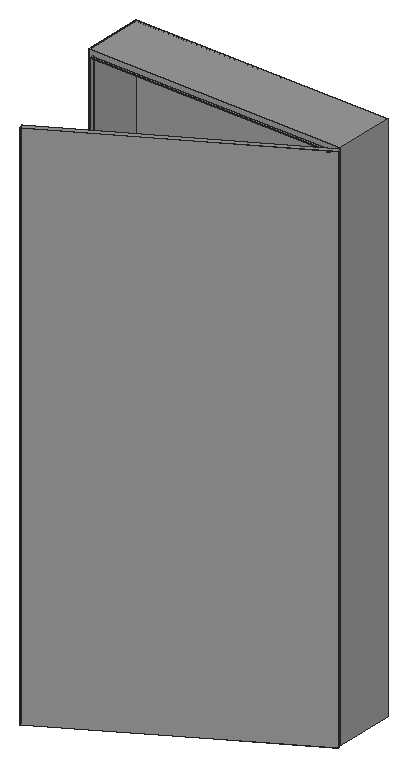
Revit family "Hager-Univers-IP44-D205-H1700-Cl.II-Encl-NoHosted-DE-de", category Equipement électrique, Revit 2020
Family settings
  Configuration du panneau = Deux colonnes, circuits au sein
  Cote de connecteur circulaire = Utiliser le diamètre
  Type d'élément = Tableau de raccordement
  Basée sur le plan de construction = Oui
  Toujours verticalement = Oui
  Couper avec des vides une fois chargée = Non
  Partagée = Non
  Point de calcul de pièce = Non
Parameters (values of type "Aufputz IP44 B800 H1700 T205  - FP13SN2")
  Width Control [instance] = if([EF000008 - Breite] > Min Width, [EF000008 - Breite], Min Width)  # 800 mm
  Commentaires du type = [HG000003 - Bereich]  # "Univers"
  Thickness Door [instance] = if([EF009171 - Materialstärke Tür/Deckel] > 3 mm, 3 mm, [EF009171 - Materialstärke Tür/Deckel])  # 1 mm
  Seal Frame Offset [instance] = 17 mm  # constant formula
  Plinth Visibility [instance] = [HG000027 - Sockelhöhe] > 0 mm  # no
  Min Width [instance] = 100 mm  # constant formula
  Min Depth [instance] = (2 * [EF009170 - Materialstärke Gehäuse]) + 1 mm  # 3 mm
  Min Height [instance] = 100 mm  # constant formula
  Internal Frame Depth [instance] = (Door System Depth * 0.5)  # 9 mm
  Panel Name [instance] = ""  # (empty or 0)
  Model = ""
  HG000027 - Sockelhöhe = 0 mm
  HG000026 - Stehend auf dem Boden = no
  HG000024 - Höhe des unteren Teils = 600 mm
  HG000023 - Gehäuse mit doppeltem Querschnitt = no
  HG000016 - 3D-Türsichtbarkeit [instance] = yes
  HG000015 - Sichtbarkeit der Türöffnung [instance] = no
  HG000014 - Tür rechts [instance] = yes
  HG000013 - Tür links [instance] = not([HG000014 - Tür rechts])  # no
  HG000012 - Türschwenkwinkel [instance] = 30.00°
  HG000010 - Asymmetrische Türen = no
  HG000009 - Doppelflügeligen Tür = no
  HG000006 - Unterputz = no
  HG000004 - Herstellerreferenz = "FP13SN2"
  HG000003 - Bereich = "Univers"
  HG000002 - Mit tür = yes
  Frame Offset Bottom [instance] = 10 mm  # constant formula
  Frame Offset [instance] = 15 mm  # constant formula
  EF015940 - Deckel mit Überdruckentlastung = no
  EF011959 - Schutzart (NEMA) = ""
  EF009554 - Anzahl der Öffnungen für Flanschplatten = 6
  EF009212 - Ausführung Deckel = "EV000116 - geschlossen"
  EF009171 - Materialstärke Tür/Deckel = 1 mm
  EF009170 - Materialstärke Gehäuse = 1 mm
  EF008873 - Nennstrom (In) = 400 A
  EF007800 - Geeignet für Blitzschutz = no
  EF006306 - Mit Schloss = no
  EF006244 - Transparenter Deckel/Tür = no
  EF005474 - Schutzart (IP) = "EV006418 - IP44"
  EF004464 - Art der Tür = "EV002646 - Einzel"
  EF004427 - Anzahl der Module = 396
  EF004293 - Schlagfestigkeit = "EV006815 - IK09"
  EF003532 - Geeignet für Außengebrauch = no
  EF002950 - Breite in Teilungseinheiten = 36
  EF001613 - Funktionserhalt = "EV000494 - ohne"
  EF001596 - Werkstoff des Gehäuses = "EV000179 - Stahl"
  EF001131 - Innentiefe = 143 mm
  EF001088 - Anbaumöglichkeit = yes
  EF000437 - Anzahl der Leitungseinführungen = 6
  EF000339 - Art der Abdeckung = "EV001012 - Deckel"
  EF000266 - Anzahl der Reihen = 11
  EF000218 - Einbautiefe = 205 mm
  EF000118 - Mit Montageplatte = no
  EF000116 - RAL-Nummer = "9010"
  EF000049 - Tiefe = 205 mm
  EF000040 - Höhe = 1700 mm
  EF000008 - Breite = 800 mm
  EF000007 - Farbe = "EV000202 - weiß"
  EF000003 - Montageart = "EV000384 - Aufputz"
  Door System Leaf Tolerance [instance] = 1.5 mm  # constant formula
  Door System Depth [instance] = 18 mm  # constant formula
  Door Height [instance] = Height Control - [HG000027 - Sockelhöhe]  # 1700 mm
  Description = ""
  Default Elevation = 1219.2 mm
  Connector Offset [instance] = Height Control / 2  # 850 mm
  Fabricant = "Hager"  # constant formula
  Height Control [instance] = if([EF000040 - Höhe] > Min Height, [EF000040 - Höhe], Min Height)  # 1700 mm
  Depth Control [instance] = if([EF000049 - Tiefe] > Min Depth, [EF000049 - Tiefe], Min Depth)  # 205 mm
  Bottom Top Plate Trim [instance] = 1.5 mm  # constant formula
  Plinth height Ctrl [instance] = if([HG000027 - Sockelhöhe] > 0 mm, [HG000027 - Sockelhöhe], 12 mm)  # 12 mm
Types (5, lengths in mm): name | Width Control | HG000010 - Asymmetrische Türen | HG000009 - Doppelflügeligen Tür | HG000004 - Herstellerreferenz | EF009554 - Anzahl der Öffnungen für Flanschplatten | EF008873 - Nennstrom (In) | EF004464 - Art der Tür | EF004427 - Anzahl der Module | EF002950 - Breite in Teilungseinheiten | EF000437 - Anzahl der Leitungseinführungen | EF000008 - Breite
  Aufputz IP44 B1050 H1700 T205  - FP14SN2 | 1050 | no | yes | "FP14SN2" | 8 | 400 A | "EV003602 - Doppel" | 528 | 48 | 8 | 1050
  Aufputz IP44 B1300 H1700 T205  - FP15SN2 | 1300 | yes | yes | "FP15SN2" | 10 | 400 A | "EV003602 - Doppel" | 660 | 60 | 10 | 1300
  Aufputz IP44 B300 H1700 T205  - FP11SN2 | 300 | no | no | "FP11SN2" | 2 | 250 A | "EV002646 - Einzel" | 132 | 12 | 2 | 300
  Aufputz IP44 B550 H1700 T205  - FP12SN2 | 550 | no | no | "FP12SN2" | 4 | 250 A | "EV002646 - Einzel" | 264 | 24 | 4 | 550
  Aufputz IP44 B800 H1700 T205  - FP13SN2 | 800 | no | no | "FP13SN2" | 6 | 400 A | "EV002646 - Einzel" | 396 | 36 | 6 | 800
Reference planes
  plane 1 "Center (Front/Back)": y = 0
  plane 2: z = 0
  plane 3 "Center (Left/Right)": x = 0
  plane 4: y = 0
  plane 5: y = 0
  plane 6: z = 0
  plane 7: x = -400
  plane 8: x = 400
  plane 9: x = 399
  plane 10: x = -399
  plane 11: z = 0
  plane 12: z = 1
  plane 13: y = -205
  plane 14: y = -1
  plane 15: x = 0
  plane 16: y = -187
  plane 17: y = -204
  plane 18: y = -186
  plane 19: x = -384
  plane 20: x = 384
  plane 21: z = 11
  plane 22: x = -383
  plane 23: x = 383
  plane 24: z = 0
  plane 25: z = 1700
  plane 26: z = 1700
  plane 27: z = 1684
  plane 28: z = 1699
Forms (mm)
  Extrusion 1, solid, material "Hager_Steel_RAL7035_Light_Grey", detail levels medium+fine
    sketch origin (-208.679, -4572, 0) x (-1, 0, 0) y (0, -1, 0)
      loop
        line (191.321, -4385) -> (-608.679, -4385) -> (-608.679, -4572) -> (191.321, -4572) -> (191.321, -4385)
    from 0 to 1700
  Extrusion 2, void
    sketch origin (-350.771, -205, 1219.2) x (1, 0, 0) y (0, 0, 1)
      loop
        line (-48.229, 479.8) -> (-48.229, -1218.2) -> (749.771, -1218.2) -> (749.771, 479.8) -> (-48.229, 479.8)
    from -19 to -204
  Extrusion 3, void
    sketch origin (-290.084, -187, 1219.2) x (1, 0, 0) y (0, 0, 1)
      loop
        line (-93.916, -1208.2) -> (674.084, -1208.2) -> (674.084, 464.8) -> (-93.916, 464.8) -> (-93.916, -1208.2)
    from 0 to -1
  Extrusion 4, solid, material "Hager_Steel_RAL7035_Light_Grey", visible <- "Plinth Visibility", detail levels medium+fine
    sketch origin (0, 0, 0) x (1, 0, 0) y (0, 1, 0)
      loop
        line (-400, 0) -> (-400, -187) -> (400, -187) -> (400, 0) -> (-400, 0)
    from 0 to 12 <- "Plinth height Ctrl"
  Extrusion 5, solid, material "Hager_Steel_RAL7035_Light_Grey", detail levels coarse
    sketch origin (0, 0, 0) x (1, 0, 0) y (0, 1, 0)
      loop
        line (-400, 0) -> (-400, -205) -> (400, -205) -> (400, 0) -> (-400, 0)
    from 0 to 1700 <- "Height Control"
  Sweep 6, void
    path in 3D
      loop
        line (-400, -187, 12) -> (400, -187, 12) -> (400, 0, 12) -> (-400, 0, 12) -> (-400, -187, 12)
    profile origin (-400, -93.5, 12) x (1, 0, 0) y (0, 0, 1)
      loop
        line (0, 0) -> (0, -1.5) -> (1.5, -1.5)
        arc (1.5, -1.5) -> (1.061, -0.439) -> (0, 0) r 1.5
  Extrusion 7, solid, material "Hager_Steel_RAL7035_Light_Grey", detail levels fine
    sketch origin (-400, -187, 0) x (1, 0, 0) y (0, 0, 1)
      loop
        line (16, 11) -> (784, 11) -> (784, 1684) -> (16, 1684) -> (16, 11)
      loop
        line (15, 10) -> (785, 10) -> (785, 1685) -> (15, 1685) -> (15, 10)
    from 0 to 9 <- "Internal Frame Depth"
Cuts and joins
  Extrusion 2, Extrusion 3 cuts Extrusion 1
  Sweep 6 cuts Extrusion 4
Lines and regions (mm)
  Masking region 1
    outline origin (0, 0, 0) x (1, 0, 0) y (0, 1, 0)
      loop
        line (-400, 0) -> (-400, -205) -> (400, -205) -> (400, 0) -> (-400, 0)
  Masking region 2, detail levels coarse
    outline origin (-290.084, -187, 1219.2) x (-1, 0, 0) y (0, 0, 1)
      loop
        line (-690.084, -1219.2) -> (109.916, -1219.2) -> (109.916, 480.8) -> (-690.084, 480.8) -> (-690.084, -1219.2)
  Masking region 3, detail levels coarse
    outline origin (0, 0, 0) x (0, 1, 0) y (0, 0, 1)
      loop
        line (0, 0) -> (0, 1700) -> (-205, 1700) -> (-205, 0) -> (0, 0)
  Masking region 4, visible <- "Plinth Visibility", detail levels medium+fine
    outline origin (0, 0, 0) x (0, 1, 0) y (0, 0, 1)
      loop
        line (-1.5, 12) -> (-185.5, 12)
        arc (-185.5, 12) -> (-185.939, 10.939) -> (-187, 10.5) r 1.5
        line (-187, 10.5) -> (-187, 0) -> (0, 0) -> (0, 10.5)
        arc (0, 10.5) -> (-1.061, 10.939) -> (-1.5, 12) r 1.5
  Masking region 5, detail levels medium+fine
    outline origin (0, 0, 594.038) x (0, 1, 0) y (0, 0, 1)
      loop
        line (0, -594.038) -> (0, 1105.962) -> (-187, 1105.962) -> (-187, -594.038) -> (0, -594.038)
  Masking region 6, detail levels medium+fine
    outline origin (-359.7, -187, 1211.883) x (-1, 0, 0) y (0, 0, 1)
      loop
        line (-759.7, -1211.883) -> (40.3, -1211.883) -> (40.3, 488.117) -> (-759.7, 488.117) -> (-759.7, -1211.883)
  Masking region 7, visible <- "Plinth Visibility", detail levels medium+fine
    outline origin (-320.334, -187, 1041.368) x (-1, 0, 0) y (0, 0, 1)
      loop
        line (-720.334, -1041.368) -> (79.666, -1041.368) -> (79.666, -1030.868)
        arc (79.666, -1030.868) -> (78.606, -1030.429) -> (78.166, -1029.368) r 1.5
        line (78.166, -1029.368) -> (-718.834, -1029.368)
        arc (-718.834, -1029.368) -> (-719.273, -1030.429) -> (-720.334, -1030.868) r 1.5
        line (-720.334, -1030.868) -> (-720.334, -1041.368)
  sketch lines
    curve 1: line (-400, 0, 12) -> (-400, -187, 12)
    curve 2: line (-400, -187, 12) -> (400, -187, 12)
    curve 3: line (400, 0, 12) -> (-400, 0, 12)
    curve 4: line (400, -187, 12) -> (400, 0, 12)
Dimensions and locks
  locked: plane 1 "Center (Front/Back)" to plane 5
  "EF009170 - Materialstärke Gehäuse": plane 7 to plane 10
  "EF009170 - Materialstärke Gehäuse": plane 8 to plane 9
  equal spacing: plane 7, plane 3 "Center (Left/Right)", plane 8
  "Width Control": plane 7 to plane 8
  "Depth Control": plane 4 to plane 13
  "EF009170 - Materialstärke Gehäuse": plane 4 to plane 14
  "Height Control": plane 25 to level
  "HG000027 - Sockelhöhe": plane 11 to level
  "EF009170 - Materialstärke Gehäuse": plane 12 to plane 11
  "EF009170 - Materialstärke Gehäuse": plane 17 to plane 13
  "EF009170 - Materialstärke Gehäuse": plane 18 to plane 16
  "Frame Offset Bottom": plane 21 to plane 12
  "Frame Offset": plane 10 to plane 19
  "Frame Offset": plane 9 to plane 20
  "Door System Depth": plane 16 to plane 13
  "Seal Frame Offset": plane 7 to plane 22
  "Seal Frame Offset": plane 8 to plane 23
  "EF009170 - Materialstärke Gehäuse": plane 26 to plane 28
  "Frame Offset": plane 28 to plane 27
  "Connector Offset": plane 2 to connector elem
  "Bottom Top Plate Trim": profile plane to Sweep 6 sketch curve
  "Bottom Top Plate Trim": Sweep 6 sketch curve to Sweep 6 sketch curve
  "Plinth height Ctrl": Masking region 4 sketch curve to level
  "Plinth height Ctrl": Masking region 7 sketch curve to level
  "Thickness Door": Extrusion 7 sketch curve to Extrusion 7 sketch curve  (x4)
  "Bottom Top Plate Trim": radius of Sweep 6 sketch curve
  "Bottom Top Plate Trim": radius of Masking region 4 sketch curve  (x2)
  "Bottom Top Plate Trim": radius of Masking region 7 sketch curve  (x2)
  aligned and locked: Extrusion 2 sketch curve to plane 12
  aligned and locked: Extrusion 2 sketch curve to plane 9
  aligned and locked: Extrusion 2 sketch curve to plane 10
  aligned and locked: Extrusion 2 to plane 14
  aligned and locked: Extrusion 1 sketch curve to plane 4
  aligned and locked: plane 8 to Extrusion 1 sketch curve
  aligned and locked: plane 7 to Extrusion 1 sketch curve
  aligned and locked: Extrusion 2 to plane 18
  aligned and locked: Extrusion 3 sketch curve to plane 19
  aligned and locked: plane 20 to Extrusion 3 sketch curve
  aligned and locked: Extrusion 3 to Extrusion 2
  aligned and locked: Extrusion 3 sketch curve to plane 21
  aligned and locked: plane 3 "Center (Left/Right)" to nested 1
  aligned and locked: Extrusion 1 sketch curve to plane 16
  aligned and locked: Extrusion 4 sketch curve to cut or joined group of Extrusion 1, Extrusion 2, Extrusion 3
  aligned and locked: Masking region 1 sketch curve to plane 7
  aligned and locked: Masking region 1 sketch curve to plane 5
  aligned and locked: Masking region 1 sketch curve to plane 8
  aligned and locked: Masking region 2 sketch curve to level
  aligned and locked: level to Masking region 3 sketch curve
  aligned and locked: plane 1 "Center (Front/Back)" to Masking region 3 sketch curve
  aligned and locked: plane 13 to Masking region 3 sketch curve
  aligned and locked: plane 5 to Masking region 4 sketch curve
  aligned and locked: Masking region 2 sketch curve to plane 8
  aligned and locked: Masking region 2 sketch curve to plane 7
  aligned and locked: plane 7 to nested 2
  aligned and locked: nested 2 to plane 5
  aligned and locked: plane 5 to Masking region 5 sketch curve
  aligned and locked: plane 26 to Masking region 5 sketch curve
  aligned and locked: Extrusion 5 sketch curve to plane 8
  aligned and locked: Extrusion 5 sketch curve to plane 7
  aligned and locked: Extrusion 5 sketch curve to plane 5
  aligned and locked: Extrusion 3 sketch curve to plane 27
  aligned and locked: Extrusion 2 sketch curve to plane 28
  aligned and locked: Masking region 2 to plane 25
  aligned and locked: Extrusion 4 to plane 16
  aligned and locked: profile plane to Sweep 6 sketch curve
  aligned and locked: Masking region 5 sketch curve to plane 24
  aligned and locked: level to Masking region 4 sketch curve
  aligned and locked: Masking region 1 to plane 13
  aligned and locked: nested 1 to plane 16
  aligned and locked: Masking region 3 to plane 25
  aligned and locked: plane 16 to Masking region 4 sketch curve
  aligned and locked: Masking region 5 sketch curve to plane 16
  aligned and locked: plane 24 to plane 11
  aligned and locked: plane 26 to plane 25
  aligned and locked: plane 26 to cut or joined group of Extrusion 1, Extrusion 2, Extrusion 3
  aligned and locked: nested 1 to plane 24
  aligned and locked: Extrusion 1 to Extrusion 3
  aligned and locked: Masking region 6 sketch curve to plane 8
  aligned and locked: Masking region 6 sketch curve to plane 24
  aligned and locked: Masking region 6 sketch curve to plane 7
  aligned and locked: Masking region 6 sketch curve to plane 26
  aligned and locked: Masking region 7 sketch curve to plane 7
  aligned and locked: level to Masking region 7 sketch curve
  aligned and locked: Masking region 7 sketch curve to plane 8
  aligned and locked: Extrusion 7 sketch curve to cut or joined group of Extrusion 1, Extrusion 2, Extrusion 3  (x4)
Automatic sketch dimensions
  plane 19 to Extrusion 3 sketch curve = 0 mm
  Extrusion 3 sketch curve to plane 20 = 0 mm
  Extrusion 3 sketch curve to plane 21 = 0 mm
  Extrusion 4 sketch curve to plane 7 = 0 mm
  Extrusion 4 sketch curve to plane 8 = 0 mm
  Extrusion 4 sketch curve to plane 16 = 0 mm
  Masking region 1 sketch curve to plane 13 = 0 mm
  Masking region 2 sketch curve to plane 25 = 0 mm
  Masking region 3 sketch curve to plane 25 = 0 mm
  Extrusion 5 sketch curve to plane 13 = 0 mm
  profile plane to Sweep 6 sketch curve = 0 mm
Nested families
  nested 1: "EC000058_Univers_Door" at (0, -187, 0), Double <- "HG000009 - Doppelflügeligen Tür", Transparent <- "EF006244 - Transparenter Deckel/Tür", Angle <- "HG000012 - Türschwenkwinkel", Door_Right <- "HG000014 - Tür rechts", Assymetrical <- "HG000010 - Asymmetrische Türen", Door <- "HG000002 - Mit tür", Width_Ctrl <- "Width Control", 3d_Door <- "HG000016 - 3D-Türsichtbarkeit", Clearance <- "HG000015 - Sichtbarkeit der Türöffnung", Door_Left <- "HG000013 - Tür links", Width <- "Width Control", Door_Depth <- "Door System Depth", Leaf_Tolerance <- "Door System Leaf Tolerance", Height <- "Door Height", Lock_Visibility <- "EF006306 - Mit Schloss", Thickness <- "Thickness Door", type "EC000058_Univers_Door", detail levels medium+fine
    with min_wh 3 mm, Width_Ctrl 800 mm, Width 800 mm, Transparent no, Thickness 1 mm, Seal_Material Hager_Rubber, Lock_Visibility no, Lock_Material Hager_Plastic_RAL9005_Jet_Black, Leaf_Width 800 mm, Leaf_Tolerance_External_Sides 0 mm, Leaf_Tolerance 1.5 mm, Leaf_Offset 0 mm, Leaf_Height 1697 mm, Leaf_2_Width 800 mm, Leaf_2_Offset 400 mm, Leaf_1_Width 800 mm, Leaf_1_Offset 400 mm, Height_Ctrl 1700 mm, Height 1700 mm, Glass_Material Hager_Glass, Double_Clearance_Ctrl no, Double no, Door_Right_Ctrl yes, Door_Right yes, Door_Material Hager_Steel_RAL7035_Light_Grey, Door_Left_Ctrl no, Door_Left no, Door_Depth 18 mm, Door yes, Clearance_Material Hager_Clearance, Clearance_Depth 800 mm, Clearance_Ctrl no, Clearance no, Assymetrical no, Angle 30.00°, 3d_Door yes
  nested 2: "Hager_Enclosure_Symbol" at (-400, 0, 0), Height <- "Depth Control", Width <- "Width Control", type "Hager_Enclosure_Symbol"
    with Width_Ctrl 800 mm, Width 800 mm, Height_Ctrl 205 mm, Height 205 mm, A_Width_Int 13.453 mm, A_Width 161.438 mm, A_Height_Ctrl 179.375 mm, A_Height 179.375 mm
Connectors
  electrical at (0, 0, 850)
    settings: on plane 1 "Center (Front/Back)", index 1, voltage 0 V, apparent load 0 VA, apparent load phase1 0 VA, apparent load phase2 0 VA, apparent load phase3 0 VA, power factor 1, load classification "Other", number of poles 1, system type 30, power factor state 1, is connector primary yes, connector utility no, sub classification motor no, connector description ""
Definition of nested family "EC000058_Univers_Door"
  Parameters (values of type "EC000058_Univers_Door")
    min_wh [instance] = (2 * Thickness) + 1 mm  # 11 mm
    Width_Ctrl [instance] = 400 mm
    Width [instance] = 500 mm
    Transparent [instance] = yes
    Thickness [instance] = 5 mm
    Seal_Material [instance] = none
    Lock_Visibility [instance] = yes
    Lock_Material [instance] = none
    Leaf_Width [instance] = if((Width_Ctrl - 2 * Leaf_Tolerance_External_Sides) > 0 mm, (Width_Ctrl - 2 * Leaf_Tolerance_External_Sides), min_wh)  # 400 mm
    Leaf_Tolerance_External_Sides [instance] = 0 mm  # constant formula
    Leaf_Tolerance [instance] = 1.5 mm
    Leaf_Offset [instance] = 0 mm  # constant formula
    Leaf_Height [instance] = if((Height_Ctrl - 2 * Leaf_Tolerance) > 0 mm, (Height_Ctrl - 2 * Leaf_Tolerance), min_wh)  # 497 mm
    Leaf_2_Width [instance] = if(and(and(Double, Assymetrical), Door_Left), (Leaf_Width / 3) - (Leaf_Tolerance / 2), if(and(and(Double, Assymetrical), Door_Right), (Leaf_Width / 3) * 2 - (Leaf_Tolerance / 2), if(and(Double, not(Assymetrical)), (Leaf_Width / 2) - Leaf_Tolerance, Leaf_Width)))  # 400 mm
    Leaf_2_Offset [instance] = if(and(Double, Assymetrical), Leaf_2_Width / 2, if(and(Double, not(Assymetrical)), Leaf_Width / 4, Leaf_Width / 2))  # 200 mm
    Leaf_1_Width [instance] = if(and(and(Double, Assymetrical), Door_Right), (Leaf_Width / 3) - (Leaf_Tolerance / 2), if(and(and(Double, Assymetrical), Door_Left), (Width / 3) * 2 - (Leaf_Tolerance / 2), if(and(Double, not(Assymetrical)), (Leaf_Width / 2) - Leaf_Tolerance, Leaf_Width)))  # 400 mm
    Leaf_1_Offset [instance] = if(and(Double, Assymetrical), Leaf_1_Width / 2, if(and(Double, not(Assymetrical)), Leaf_Width / 4, Leaf_Width / 2))  # 200 mm
    Height_Ctrl [instance] = if(Height > min_wh, Height, min_wh)  # 500 mm
    Height [instance] = 500 mm
    Glass_Material [instance] = none
    Double_Clearance_Ctrl [instance] = and(Double, Clearance)  # no
    Double [instance] = no
    Door_Right_Ctrl [instance] = and(or(Door_Right, Double), Door)  # yes
    Door_Right [instance] = yes
    Door_Material [instance] = none
    Door_Left_Ctrl [instance] = and(or(Door_Left, Double), Door)  # no
    Door_Left [instance] = no
    Door_Depth [instance] = 30 mm
    Door [instance] = yes
    Default Elevation = 1219.2 mm
    Clearance_Material [instance] = none
    Clearance_Depth [instance] = if(Leaf_1_Width > Leaf_2_Width, Leaf_1_Width, Leaf_2_Width)  # 400 mm
    Clearance_Ctrl [instance] = and(not(Double), Clearance)  # yes
    Clearance [instance] = yes
    Assymetrical [instance] = yes
    Angle [instance] = 30.00°
    3d_Door [instance] = yes
  Reference planes
    plane 1 "Center (Front/Back)": y = 0
    plane 2 "Bottom": z = 0
    plane 3 "Center (Left/Right)": x = 0
    plane 4: z = 500
    plane 5: x = -200
    plane 6: x = 200
    plane 7: z = 500
    plane 8: x = -200
    plane 9: z = 0
    plane 10: x = 200
    plane 11: y = 0
    plane 12: z = 1.5
    plane 13: x = -600
    plane 14: y = -400
    plane 15: x = 600
    plane 16: x = 0
    plane 17: x = 0
    plane 18: x = -200
    plane 19: x = 200
    plane 20: z = 498.5
  Forms (mm)
    Extrusion 1, solid, material <- "Clearance_Material", visible <- "Double_Clearance_Ctrl"
      sketch origin (1200, 0, 0) x (1, 0, 0) y (0, 0, -1)
        loop
          line (-1800, -498.5) -> (-600, -498.5) -> (-600, 0) -> (-1800, 0) -> (-1800, -498.5)
      from 0 to -400
  Dimensions and locks
    equal spacing: plane 5, plane 3 "Center (Left/Right)", plane 6
    "Width_Ctrl": plane 5 to plane 6
    "Leaf_Offset": plane 5 to plane 8
    "Leaf_Offset": plane 6 to plane 10
    "Leaf_Offset": plane 9 to level
    "Leaf_Offset": plane 4 to plane 7
    "Height_Ctrl": plane 4 to level
    "Leaf_Tolerance": plane 12 to plane 9
    locked: plane 11 to plane 1 "Center (Front/Back)"
    "Leaf_1_Offset": plane 18 to plane 16
    "Leaf_2_Offset": plane 17 to plane 19
    "Leaf_1_Width": plane 13 to plane 8
    "Leaf_2_Width": plane 10 to plane 15
    "Clearance_Depth": plane 14 to plane 1 "Center (Front/Back)"
    "Leaf_Tolerance_External_Sides": plane 8 to plane 18
    "Leaf_Tolerance_External_Sides": plane 19 to plane 10
    "Leaf_Tolerance": plane 7 to plane 20
    aligned and locked: level to plane 2 "Bottom"
    aligned and locked: nested 1 to plane 16
    aligned and locked: nested 2 to plane 17
    aligned and locked: Extrusion 1 to plane 13
    aligned and locked: plane 15 to Extrusion 1
    aligned and locked: Extrusion 1 to plane 14
    aligned and locked: plane 12 to nested 1
    aligned and locked: nested 2 to plane 12
    aligned and locked: Extrusion 1 to plane 11
    aligned and locked: plane 20 to Extrusion 1
    aligned and locked: nested 2 to plane 11
    aligned and locked: nested 1 to plane 11
  Automatic sketch dimensions
    Extrusion 1 sketch curve to level = 0 mm
    plane 5 to Extrusion 1 sketch curve = 400 mm
    plane 6 to Extrusion 1 sketch curve = 400 mm
    Extrusion 1 sketch curve to plane 4 = 1.5 mm
  Nested families
    nested 1: "EC000058_Univers_Door_Leaf" at (0, 0, 1.5), Width <- "Leaf_1_Width", visible <- "Door_Left_Ctrl", Leaf_Height <- "Leaf_Height", Angle <- "Angle", 3d_Door <- "3d_Door", Transparent <- "Transparent", Clearance Material <- "Clearance_Material", Clearance <- "Clearance_Ctrl", Door_Material <- "Door_Material", Glass_Material <- "Glass_Material", Door_Depth <- "Door_Depth", Lock_Material <- "Lock_Material", Seal_Material <- "Seal_Material", Lock_Visibility <- "Lock_Visibility", Thickness <- "Thickness", type "EC000058_Univers_Door_Leaf"
      with Width 400 mm, Transparent_Glass_Offset 30 mm, Transparent_Ctrl yes, Transparent yes, Thickness 5 mm, Standard no, Seal_Material none, Seal_D2 8 mm, Seal_D1 1 mm, Offset_Internal_Frame 10 mm, Lock_Width 20 mm, Lock_Visibility_3d yes, Lock_Visibility yes, Lock_Thickness_3 3 mm, Lock_Thickness_2 1 mm, Lock_Thickness_1 3 mm, Lock_Radius_Offset_2 16 mm, Lock_Radius_Offset_1 15 mm, Lock_Radius_2 5 mm, Lock_Radius 6 mm, Lock_Offset 5 mm, Lock_Material none, Lock_Height 80 mm, Lock_Cover_Top_Offset_2d 17 mm, Lock_Cover_Height -65 mm, Leaf_Height 497 mm, Internal_Seal_Thickness 8 mm, Internal_Seal_Depth_2 4.5 mm, Internal_Frame_Depth 25 mm, Glass_Thickness -1 mm, Glass_Offset -2 mm, Glass_Material none, Door_Material none, Door_Depth 30 mm, Clearance Material none, Clearance yes, Angle_Ctrl 30.00°, Angle 30.00°, 3d_Door yes
    nested 2: "EC000058_Univers_Door_Leaf" at (0, 0, 1.5) x (-1, 0, 0) z (0, 0, 1), Width <- "Leaf_2_Width", visible <- "Door_Right_Ctrl", Leaf_Height <- "Leaf_Height", Angle <- "Angle", 3d_Door <- "3d_Door", Transparent <- "Transparent", Clearance Material <- "Clearance_Material", Clearance <- "Clearance_Ctrl", Door_Material <- "Door_Material", Glass_Material <- "Glass_Material", Door_Depth <- "Door_Depth", Lock_Material <- "Lock_Material", Seal_Material <- "Seal_Material", Lock_Visibility <- "Lock_Visibility", Thickness <- "Thickness", type "EC000058_Univers_Door_Leaf"
      with Width 400 mm, Transparent_Glass_Offset 30 mm, Transparent_Ctrl yes, Transparent yes, Thickness 5 mm, Standard no, Seal_Material none, Seal_D2 8 mm, Seal_D1 1 mm, Offset_Internal_Frame 10 mm, Lock_Width 20 mm, Lock_Visibility_3d yes, Lock_Visibility yes, Lock_Thickness_3 3 mm, Lock_Thickness_2 1 mm, Lock_Thickness_1 3 mm, Lock_Radius_Offset_2 16 mm, Lock_Radius_Offset_1 15 mm, Lock_Radius_2 5 mm, Lock_Radius 6 mm, Lock_Offset 5 mm, Lock_Material none, Lock_Height 80 mm, Lock_Cover_Top_Offset_2d 17 mm, Lock_Cover_Height -65 mm, Leaf_Height 497 mm, Internal_Seal_Thickness 8 mm, Internal_Seal_Depth_2 4.5 mm, Internal_Frame_Depth 25 mm, Glass_Thickness -1 mm, Glass_Offset -2 mm, Glass_Material none, Door_Material none, Door_Depth 30 mm, Clearance Material none, Clearance yes, Angle_Ctrl 30.00°, Angle 30.00°, 3d_Door yes
  Definition of nested family "EC000058_Univers_Door_Leaf"
    Parameters (values of type "EC000058_Univers_Door_Leaf")
      Width [instance] = 2000 mm
      Transparent_Glass_Offset [instance] = 30 mm
      Transparent_Ctrl [instance] = and(Transparent, [3d_Door])  # yes
      Transparent [instance] = yes
      Thickness [instance] = 5 mm
      Standard [instance] = and(not(Transparent), [3d_Door])  # no
      Seal_Material [instance] = none
      Seal_D2 [instance] = 8 mm  # constant formula
      Seal_D1 [instance] = 1 mm  # constant formula
      Offset_Internal_Frame [instance] = 10 mm  # constant formula
      Lock_Width [instance] = 20 mm  # constant formula
      Lock_Visibility_3d [instance] = and(Lock_Visibility, [3d_Door])  # yes
      Lock_Visibility [instance] = yes
      Lock_Thickness_3 [instance] = 3 mm  # constant formula
      Lock_Thickness_2 [instance] = 1 mm  # constant formula
      Lock_Thickness_1 [instance] = 3 mm  # constant formula
      Lock_Radius_Offset_2 [instance] = Lock_Radius_Offset_1 + 1 mm  # 16 mm
      Lock_Radius_Offset_1 [instance] = 15 mm  # constant formula
      Lock_Radius_2 [instance] = Lock_Radius - 1 mm  # 5 mm
      Lock_Radius [instance] = 6 mm  # constant formula
      Lock_Offset [instance] = 5 mm  # constant formula
      Lock_Material [instance] = none
      Lock_Height [instance] = 80 mm  # constant formula
      Lock_Cover_Top_Offset_2d [instance] = Lock_Radius_Offset_2 + 1 mm  # 17 mm
      Lock_Cover_Height [instance] = -(Lock_Height - Lock_Radius_Offset_1)  # -65 mm
      Leaf_Height [instance] = 2720.336 mm
      Internal_Seal_Thickness [instance] = 8 mm  # constant formula
      Internal_Seal_Depth_2 [instance] = 4.5 mm  # constant formula
      Internal_Frame_Depth [instance] = if(Door_Depth - Thickness > 5 mm, Door_Depth - Thickness, 5 mm)  # 25 mm
      Glass_Thickness [instance] = if(Thickness > 15 mm, Glass_Offset + 10 mm, -1 mm)  # -1 mm
      Glass_Offset [instance] = if(Thickness > 15 mm, -(Thickness + 10 mm) / 2, -2 mm)  # -2 mm
      Glass_Material [instance] = none
      Door_Material [instance] = none
      Door_Depth [instance] = 30 mm
      Default Elevation = 0 mm
      Clearance Material [instance] = none
      Clearance [instance] = yes
      Angle_Ctrl [instance] = if(Angle > 180.00°, 180.00°, Angle)  # 90.00°
      Angle [instance] = 90.00°
      3d_Door [instance] = yes
    Reference planes
      plane 1 "Center (Front/Back)": y = 0
      plane 2: z = 0
      plane 3 "Center (Left/Right)": x = 0
      plane 4: y = 2000
      plane 5: x = -1000
      plane 6: x = 1000
      plane 7: x = -3000
      plane 8: z = 2720.336
      plane 9: z = 30
      plane 10: z = 2690.336
      plane 11: x = 970
      plane 12: x = -970
      plane 13: y = -3
      plane 14: z = 107.833
      plane 15: y = -5
      plane 16: y = -223.314
      plane 17: x = -1000
      plane 18: z = 1360.168
      plane 19: y = 30
    Forms (mm)
      Extrusion 1, solid, material <- "Clearance Material", visible <- "Clearance"
        sketch origin (0, 0, 0) x (1, 0, 0) y (0, 0, 1)
          loop
            line (-3000, 2720.336) -> (-3000, 0) -> (1000, 0) -> (1000, 2720.336) -> (-3000, 2720.336)
        from 0 to -2000
      Extrusion 2, solid, material <- "Door_Material", visible <- "Standard", detail levels medium+fine
        sketch origin (-1000, 0, 0) x (0, 1, 0) y (-1, 0, 0)
          loop
            line (0, 30) -> (0, 25) -> (2000, 25) -> (2000, 30) -> (0, 30)
        from 0 to 2720.336 <- "Leaf_Height"
      Extrusion 3, solid, material <- "Door_Material", visible <- "Transparent_Ctrl", detail levels medium+fine
        sketch origin (-1000, 0, 0) x (0, 1, 0) y (-1, 0, 0)
          loop
            line (0, 25) -> (2000, 25) -> (2000, 30) -> (0, 30) -> (0, 25)
        from 0 to 2720.336 <- "Leaf_Height"
      Extrusion 4, void
        sketch origin (-1025, 2000, 0) x (0, 1, 0) y (0, 0, -1)
          loop
            line (-30, -2690.336) -> (-30, -30) -> (-1970, -30) -> (-1970, -2690.336) -> (-30, -2690.336)
        from 0 to 5 <- "Thickness"
      Sweep 5, solid, material <- "Seal_Material", visible <- "Transparent_Ctrl", detail levels fine
        path in 3D
          loop
            line (-1025, 30, 30) -> (-1025, 30, 2690.336) -> (-1025, 1970, 2690.336) -> (-1025, 1970, 30) -> (-1025, 30, 30)
        profile origin (-1025, 1000, 30) x (1, 0, 0) y (0, 0, 1)
          loop
            line (0, 0) -> (0, -8) -> (1, -8) -> (1, 0) -> (0, 0)
      Extrusion 6, solid, material <- "Glass_Material", visible <- "Transparent_Ctrl", detail levels medium+fine
        sketch origin (-1030, 0, 0) x (0, 1, 0) y (0, 0, -1)
          loop
            line (1970, -2690.336) -> (1970, -30) -> (30, -30) -> (30, -2690.336) -> (1970, -2690.336)
        from -2 <- "Glass_Offset" to -1 <- "Glass_Thickness"
      Extrusion 7, solid, material <- "Door_Material", visible <- "3d_Door", detail levels medium+fine
        sketch origin (-1025, 2000, 0) x (0, -1, 0) y (0, 0, -1)
          loop
            line (0, -2720.336) -> (2000, -2720.336) -> (2000, 0) -> (0, 0) -> (0, -2720.336)
          loop
            line (1995, -5) -> (5, -5) -> (5, -2715.336) -> (1995, -2715.336) -> (1995, -5)
        from 0 to 25 <- "Internal_Frame_Depth"
      Sweep 8, solid, material <- "Seal_Material", visible <- "Transparent_Ctrl", detail levels fine
        path in 3D
          loop
            line (-1025, 0, 0) -> (-1025, 2000, 0) -> (-1025, 2000, 2720.336) -> (-1025, 0, 2720.336) -> (-1025, 0, 0)
        profile origin (-1025, 0, 1360.168) x (1, 0, 0) y (0, 1, 0)
          loop
            line (0, 10) -> (2.975, 10)
            arc (2.975, 10) -> (4.053, 10.447) -> (4.5, 11.525) r 1.525
            line (4.5, 11.525) -> (4.5, 16.527)
            arc (4.5, 16.527) -> (4.069, 17.569) -> (3.027, 18) r 1.473
            line (3.027, 18) -> (0, 18) -> (0, 10)
      Extrusion 9, solid, material <- "Lock_Material", visible <- "Lock_Visibility_3d", detail levels fine
        sketch origin (-1030, 0, 0) x (0, 1, 0) y (0, 0, -1)
          loop
            arc (1993.5, -1400.168) -> (1994.561, -1399.729) -> (1995, -1398.668) r 1.5
            line (1995, -1398.668) -> (1995, -1320.168) -> (1975, -1320.168) -> (1975, -1398.668)
            arc (1975, -1398.668) -> (1975.439, -1399.729) -> (1976.5, -1400.168) r 1.5
            line (1976.5, -1400.168) -> (1993.5, -1400.168)
        from 3 <- "Lock_Thickness_1" to 0
      Blend 10, solid, material <- "Lock_Material", visible <- "Lock_Visibility_3d", detail levels fine
        base sketch origin (-1033, 0, 0) x (0, 1, 0) y (0, 0, -1)
          loop
            line (1975, -1320.168) -> (1975, -1398.668)
            arc (1975, -1398.668) -> (1975.439, -1399.729) -> (1976.5, -1400.168) r 1.5
            line (1976.5, -1400.168) -> (1993.5, -1400.168)
            arc (1993.5, -1400.168) -> (1994.561, -1399.729) -> (1995, -1398.668) r 1.5
            line (1995, -1398.668) -> (1995, -1320.168) -> (1975, -1320.168)
        top sketch origin (-1033, 0, 0) x (0, 1, 0) y (0, 0, -1)
          loop
            line (1976, -1320.168) -> (1976, -1398.668)
            arc (1976, -1398.668) -> (1976.146, -1399.022) -> (1976.5, -1399.168) r 0.5
            line (1976.5, -1399.168) -> (1993.5, -1399.168)
            arc (1993.5, -1399.168) -> (1993.854, -1399.022) -> (1994, -1398.668) r 0.5
            line (1994, -1398.668) -> (1994, -1320.168) -> (1976, -1320.168)
        from 0 to 1 <- "Lock_Thickness_2"
      Blend 11, solid, material <- "Lock_Material", visible <- "Lock_Visibility_3d", detail levels fine
        base sketch origin (-1034, 0, 0) x (0, 1, 0) y (0, 0, -1)
          loop
            line (1978, -1320.168) -> (1978, -1384.168)
            arc (1978, -1384.168) -> (1985, -1391.168) -> (1992, -1384.168) r 7
            line (1992, -1384.168) -> (1992, -1320.168) -> (1978, -1320.168)
        top sketch origin (-1034, 0, 0) x (0, 1, 0) y (0, 0, -1)
          loop
            line (1991, -1320.168) -> (1979, -1320.168) -> (1979, -1383.168)
            arc (1979, -1383.168) -> (1985, -1389.168) -> (1991, -1383.168) r 6
            line (1991, -1383.168) -> (1991, -1320.168)
        from 0 to 3 <- "Lock_Thickness_3"
      Extrusion 12, solid, material <- "Lock_Material", visible <- "Lock_Visibility_3d", detail levels fine
        sketch origin (-1030, 1975, 1320.168) x (1, 0, 0) y (0, -1, 0)
          loop
            line (-7, -19) -> (-7, -1) -> (0, -1) -> (0, 0) -> (-8, 0) -> (-8, -20) -> (0, -20) -> (0, -19) -> (-7, -19)
        from 0 to -65 <- "Lock_Cover_Height"
      Extrusion 13, void
        sketch origin (-1038, 1995, 1320.168) x (-1, 0, 0) y (0, 0, -1)
          loop
            line (-5, -65) -> (0, -65) -> (-5, -60) -> (-5, -65)
        from 0 to 20 <- "Lock_Width"
      Extrusion 14, void
        sketch origin (-1038, 1975, 1320.168) x (0, -1, 0) y (0, 0, -1)
          loop
            circle (-10, -15.995) r 6
          loop
            circle (-10, -15.995) r 5
        from 0 to 2
      Extrusion 15, solid, material <- "Lock_Material", visible <- "Lock_Visibility_3d", detail levels medium
        sketch origin (-1030, 0, 0) x (0, 1, 0) y (0, 0, -1)
          loop
            arc (1993.5, -1400.168) -> (1994.561, -1399.729) -> (1995, -1398.668) r 1.5
            line (1995, -1398.668) -> (1995, -1320.168) -> (1975, -1320.168) -> (1975, -1398.668)
            arc (1975, -1398.668) -> (1975.439, -1399.729) -> (1976.5, -1400.168) r 1.5
            line (1976.5, -1400.168) -> (1993.5, -1400.168)
        from 8 to 0
    Cuts and joins
      Extrusion 4 cuts Extrusion 3
      Extrusion 13, Extrusion 14 cuts Extrusion 9
      Extrusion 14 cuts Blend 11
      Extrusion 13, Extrusion 14 cuts Extrusion 12
      joined: Extrusion 9, Blend 10, Blend 11, Extrusion 12
      Extrusion 14 cuts Extrusion 15
    Lines and regions (mm)
      Masking region 1, visible <- "Lock_Visibility", detail levels fine
        outline origin (0, 0, 0) x (0, 1, 0) y (0, 0, 1)
          loop
            line (30, 1320.168) -> (33, 1320.168) -> (33, 1400.168) -> (30, 1400.168) -> (30, 1320.168)
      Masking region 2, visible <- "Lock_Visibility", detail levels fine
        outline origin (0, 3.143, 0) x (0, 1, 0) y (0, 0, 1)
          loop
            line (29.857, 1354.168) -> (30.857, 1354.168) -> (30.857, 1366.168) -> (29.857, 1366.168) -> (29.857, 1354.168)
      Masking region 3, detail levels medium+fine
        outline origin (0, 0, 0) x (0, 1, 0) y (0, 0, 1)
          loop
            line (0, 0) -> (30, 0) -> (30, 2720.336) -> (0, 2720.336) -> (0, 0)
      Masking region 4, detail levels medium+fine
        outline origin (0, 0, 0) x (1, 0, 0) y (0, 0, 1)
          loop
            line (-1000, 2720.336) -> (-1000, 0) -> (1000, 0) -> (1000, 2720.336) -> (-1000, 2720.336)
      Masking region 5, visible <- "Lock_Visibility", detail levels fine
        outline origin (-47.116, 0, 0) x (1, 0, 0) y (0, 0, 1)
          loop
            arc (1024.616, 1399.168) -> (1023.556, 1398.729) -> (1023.116, 1397.668) r 1.5
            line (1023.116, 1397.668) -> (1023.116, 1320.168) -> (1041.116, 1320.168) -> (1041.116, 1397.668)
            arc (1041.116, 1397.668) -> (1040.677, 1398.729) -> (1039.616, 1399.168) r 1.5
            line (1039.616, 1399.168) -> (1024.616, 1399.168)
      Masking region 6, visible <- "Lock_Visibility", detail levels medium+fine
        outline origin (-25, 0, 0) x (1, 0, 0) y (0, 0, 1)
          loop
            arc (1001.5, 1400.168) -> (1000.439, 1399.729) -> (1000, 1398.668) r 1.5
            line (1000, 1398.668) -> (1000, 1320.168) -> (1020, 1320.168) -> (1020, 1398.668)
            arc (1020, 1398.668) -> (1019.561, 1399.729) -> (1018.5, 1400.168) r 1.5
            line (1018.5, 1400.168) -> (1001.5, 1400.168)
      Masking region 7, visible <- "Lock_Visibility", detail levels fine
        outline origin (-73.735, 0, 0) x (1, 0, 0) y (0, 0, 1)
          loop
            line (1051.735, 1382.168) -> (1065.735, 1382.168) -> (1065.735, 1384.168)
            arc (1065.735, 1384.168) -> (1058.735, 1391.168) -> (1051.735, 1384.168) r 7
            line (1051.735, 1384.168) -> (1051.735, 1382.168)
      Masking region 8, visible <- "Lock_Visibility", detail levels fine
        outline origin (-73.735, 0, 0) x (1, 0, 0) y (0, 0, 1)
          loop
            line (1052.735, 1382.168) -> (1064.735, 1382.168) -> (1064.735, 1383.168)
            arc (1064.735, 1383.168) -> (1058.735, 1389.168) -> (1052.735, 1383.168) r 6
            line (1052.735, 1383.168) -> (1052.735, 1382.168)
      Masking region 9, visible <- "Lock_Visibility", detail levels fine
        outline origin (-25, 0, 0) x (1, 0, 0) y (0, 0, 1)
          loop
            line (1020, 1320.168) -> (1020, 1382.168) -> (1000, 1382.168) -> (1000, 1320.168) -> (1020, 1320.168)
      Masking region 10, detail levels medium+fine
        outline origin (0, 0, 0) x (1, 0, 0) y (0, 0, 1)
          loop
            circle (985, 1335.144) r 6
      Masking region 11, detail levels fine
        outline origin (0, 0, 0) x (1, 0, 0) y (0, 0, 1)
          loop
            circle (985, 1335.144) r 5
      Masking region 12, visible <- "Lock_Visibility", detail levels fine
        outline origin (0, 12.767, 0) x (0, 1, 0) y (0, 0, 1)
          loop
            line (20.233, 1320.168) -> (21.233, 1320.168) -> (21.233, 1399.168) -> (20.233, 1400.168) -> (20.233, 1320.168)
      Masking region 13, visible <- "Lock_Visibility", detail levels fine
        outline origin (0, 13.767, -10) x (0, 1, 0) y (0, 0, 1)
          loop
            line (20.233, 1330.168) -> (23.233, 1330.168) -> (23.233, 1399.168) -> (20.233, 1402.168) -> (20.233, 1330.168)
      Masking region 14, visible <- "Lock_Visibility", detail levels fine
        outline origin (0, 12.767, -10) x (0, 1, 0) y (0, 0, 1)
          loop
            line (20.233, 1330.168) -> (25.233, 1330.168) -> (25.233, 1399.305) -> (20.233, 1394.305) -> (20.233, 1330.168)
      Masking region 15, visible <- "Lock_Visibility", detail levels medium
        outline origin (0, 0, 0) x (0, 1, 0) y (0, 0, 1)
          loop
            line (30, 1320.168) -> (38, 1320.168) -> (38, 1400.168) -> (30, 1400.168) -> (30, 1320.168)
      Masking region 16, visible <- "Lock_Visibility", detail levels fine
        outline origin (-1000, 0, 0) x (0, 1, 0) y (-1, 0, 0)
          loop
            line (1975, 30) -> (1995, 30) -> (1995, 38) -> (1975, 38) -> (1975, 30)
          loop
            line (1979, 37) -> (1976, 37) -> (1976, 34) -> (1978, 34) -> (1979, 37)
          loop
            line (1994, 37) -> (1991, 37) -> (1992, 34) -> (1994, 34) -> (1994, 37)
      Masking region 17, visible <- "Lock_Visibility", detail levels medium
        outline origin (-1000, 0, 0) x (0, 1, 0) y (-1, 0, 0)
          loop
            line (1975, 30) -> (1995, 30) -> (1995, 38) -> (1975, 38) -> (1975, 30)
      symbolic lines
        curve 1: line (1000, 0, 0) -> (-3000, 0, 0)
        curve 2: arc (1000, 0, 0) -> (-1000, 2000, 0) -> (-3000, 0, 0) r 2000
        curve 4: line (-1030, 0, 0) -> (-1030, 2000, 0)
      reference lines
        curve 3: line (-1000, 0, 0) -> (-1000, 2000, 0)
      symbolic lines, detail levels medium+fine
        curve 5: line (-1030, 2000, 0) -> (-1025, 2000, 0)
        curve 7: line (-1025, 0, 0) -> (-1030, 0, 0)
        curve 8: line (-1025, 0, 0) -> (-1000, 0, 0)
        curve 9: line (-1000, 0, 0) -> (-1000, 2000, 0)
        curve 10: line (-1000, 2000, 0) -> (-1025, 2000, 0)
      symbolic lines, detail levels fine
        curve 6: line (-1025, 2000, 0) -> (-1025, 0, 0)
      sketch lines
        curve 11: line (-1025, 0, 2720.336) -> (-1025, 0, 0)
        curve 12: line (-1025, 2000, 0) -> (-1025, 0, 0)
        curve 13: line (-1025, 2000, 2720.336) -> (-1025, 2000, 0)
        curve 14: line (-1025, 0, 2720.336) -> (-1025, 2000, 2720.336)
        curve 15: line (-1025, 1970, 30) -> (-1025, 30, 30)
        curve 16: line (-1025, 30, 30) -> (-1025, 30, 2690.336)
        curve 17: line (-1025, 1970, 2690.336) -> (-1025, 1970, 30)
        curve 18: line (-1025, 30, 2690.336) -> (-1025, 1970, 2690.336)
      symbolic lines, visible <- "Transparent", detail levels medium+fine
        curve 19: line (-970, 0, 2690.336) -> (970, 0, 2690.336)
        curve 20: line (-970, 0, 30) -> (-970, 0, 2690.336)
        curve 21: line (970, 0, 30) -> (-970, 0, 30)
        curve 22: line (970, 0, 2690.336) -> (970, 0, 30)
    Dimensions and locks
      "Width": plane 1 "Center (Front/Back)" to plane 4
      equal spacing: plane 5, plane 3 "Center (Left/Right)", plane 6
      "Width": plane 5 to plane 6
      "Width": plane 7 to plane 5
      "Leaf_Height": plane 8 to level
      "Width": curve 5 to curve 3
      "Width": curve 3 to curve 3
      plane 8 to plane 10 = 30 mm
      plane 9 to level = 30 mm
      plane 12 to plane 5 = 30 mm
      plane 6 to plane 11 = 30 mm
      Extrusion 1 to Extrusion 4 sketch curve = 30 mm
      "Transparent_Glass_Offset": curve 3 to Extrusion 4 sketch curve
      "Transparent_Glass_Offset": Extrusion 4 sketch curve to cut or joined group of Extrusion 3, Extrusion 4  (x2)
      cut or joined group of Extrusion 3, Extrusion 4 to Extrusion 6 sketch curve = 30 mm
      "Transparent_Glass_Offset": cut or joined group of Extrusion 3, Extrusion 4 to Extrusion 4 sketch curve
      "Thickness": curve 6 to curve 4
      "Thickness": Extrusion 7 sketch curve to Extrusion 7 sketch curve  (x4)
      "Door_Depth": curve 4 to curve 3
      "Offset_Internal_Frame": profile plane to Sweep 8 sketch curve
      "Internal_Seal_Thickness": Sweep 8 sketch curve to Sweep 8 sketch curve
      "Internal_Seal_Depth_2": profile plane to Sweep 8 sketch curve
      "Seal_D1": profile plane to Sweep 5 sketch curve
      "Seal_D2": profile plane to Sweep 5 sketch curve
      "Thickness": Extrusion 2 sketch curve to Extrusion 2 sketch curve
      equal spacing: Extrusion 9 sketch curve, plane 18, Extrusion 9 sketch curve  (x2)
      equal spacing: Masking region 1 sketch curve, plane 18, Masking region 1 sketch curve
      "Lock_Height": Masking region 1 sketch curve to Masking region 1 sketch curve
      "Lock_Radius": Masking region 2 sketch curve to plane 18 to Masking region 2 sketch curve
      Masking region 2 sketch curve to Masking region 1 = 1 mm
      "Door_Depth": plane 19 to plane 1 "Center (Front/Back)"
      "Lock_Thickness_1": Masking region 1 sketch curve to plane 19
      "Lock_Width": Extrusion 9 sketch curve to Extrusion 9 sketch curve
      "Lock_Height": Extrusion 9 sketch curve to Extrusion 9 sketch curve
      "Lock_Offset": cut or joined group of Extrusion 3, Extrusion 4 to Extrusion 9 sketch curve
      equal spacing: plane 8, plane 18, level
      "Lock_Radius_Offset_1": Blend 11 sketch curve to Blend 10
      locked: Blend 10 to Blend 11 sketch curve at 2  (x2)
      locked: var sketch to Blend 11 sketch curve at 1  (x2)
      "Lock_Radius_Offset_2": Blend 11 sketch curve to Blend 10
      locked: Extrusion 12 sketch curve to Extrusion 12 sketch curve at 1  (x3)
      Masking region 6 sketch curve to Masking region 6 sketch curve = 80 mm
      "Lock_Height": Masking region 6 sketch curve to Masking region 6 sketch curve
      "Lock_Width": Masking region 6 sketch curve to Masking region 6 sketch curve
      locked: Masking region 6 to Masking region 5 sketch curve at 1  (x3)
      locked: Masking region 5 to Masking region 7 sketch curve at 2  (x2)
      "Lock_Radius_Offset_1": Masking region 5 to Masking region 7 sketch curve
      "Lock_Radius_Offset_2": Masking region 5 to Masking region 8 sketch curve
      locked: Masking region 7 to Masking region 8 sketch curve at 1  (x2)
      "Lock_Cover_Top_Offset_2d": Masking region 5 to Masking region 9 sketch curve
      equal spacing: Masking region 9, Masking region 10 sketch curve, Masking region 9
      equal spacing: Masking region 9, Masking region 11 sketch curve, Masking region 9
      Extrusion 15 sketch curve to Extrusion 15 sketch curve = 80 mm
      "Lock_Width": Extrusion 15 sketch curve to Extrusion 15 sketch curve
      "Lock_Height": Extrusion 15 sketch curve to Extrusion 15 sketch curve
      equal spacing: Extrusion 15 sketch curve, plane 18, Extrusion 15 sketch curve
      "Lock_Thickness_3": Masking region 13 sketch curve to Masking region 13 sketch curve
      "Lock_Height": Masking region 12 sketch curve to Masking region 12 sketch curve
      locked: Masking region 13 sketch curve to Masking region 1 at 8
      locked: Masking region 14 sketch curve to Masking region 13 at 1
      locked: Masking region 14 sketch curve to Masking region 1 at 10.863
      "Lock_Height": Masking region 15 sketch curve to Masking region 15 sketch curve
      "Lock_Offset": Extrusion 15 sketch curve to cut or joined group of Extrusion 3, Extrusion 4
      "Lock_Offset": plane 6 to Masking region 6 sketch curve
      radius of Sweep 8 sketch curve = 1.525 mm
      radius of Sweep 8 sketch curve = 1.473 mm
      radius of Extrusion 9 sketch curve = 1.5 mm  (x2)
      "Lock_Radius": radius of Extrusion 14 sketch curve
      "Lock_Radius_2": radius of Extrusion 14 sketch curve
      "Lock_Radius": radius of Masking region 10 sketch curve
      "Lock_Radius_2": radius of Masking region 11 sketch curve
      radius of Extrusion 15 sketch curve = 1.5 mm  (x2)
      "Angle_Ctrl": angle plane 1 "Center (Front/Back)" to curve 3
      locked: Masking region 12 sketch curve to Masking region 12 sketch curve (angle 45.00°)
      locked: Masking region 13 sketch curve to Masking region 13 sketch curve (angle 45.00°)
      locked: Masking region 14 sketch curve to Masking region 14 sketch curve (angle 45.00°)
      aligned and locked: level to plane 2
      aligned and locked: Extrusion 1 to curve 1
      aligned and locked: plane 6 to Extrusion 1
      aligned and locked: Extrusion 1 to plane 1 "Center (Front/Back)"
      aligned and locked: plane 4 to Extrusion 1
      aligned and locked: plane 8 to Extrusion 1
      aligned and locked: curve 7 to Extrusion 2 sketch curve
      aligned and locked: curve 5 to Extrusion 2 sketch curve
      aligned and locked: curve 7 to Extrusion 3 sketch curve
      aligned and locked: Extrusion 3 sketch curve to curve 4
      aligned and locked: Extrusion 3 sketch curve to curve 6
      aligned and locked: Extrusion 3 sketch curve to curve 5
      aligned and locked: curve 9 to curve 3
      aligned and locked: Extrusion 7 sketch curve to cut or joined group of Extrusion 3, Extrusion 4  (x4)
      aligned and locked: plane 17 to curve 3
      aligned and locked: plane 1 "Center (Front/Back)" to curve 3
      aligned and locked: plane 17 to plane 5
      aligned and locked: Sweep 8 sketch curve to profile plane
      aligned and locked: Sweep 5 sketch curve to profile plane  (x2)
      aligned and locked: Masking region 1 to Masking region 2 sketch curve
      aligned and locked: plane 19 to Masking region 1 sketch curve
      aligned and locked: plane 1 "Center (Front/Back)" to Masking region 3 sketch curve
      aligned and locked: plane 19 to Masking region 3 sketch curve
      aligned and locked: level to Masking region 3 sketch curve
      aligned and locked: Masking region 3 sketch curve to plane 8
      aligned and locked: plane 17 to Masking region 4 sketch curve
      aligned and locked: level to Masking region 4 sketch curve
      aligned and locked: Masking region 4 sketch curve to plane 8
      aligned and locked: plane 12 to curve 20
      aligned and locked: plane 10 to curve 19
      aligned and locked: plane 11 to curve 22
      aligned and locked: curve 21 to plane 9
      aligned and locked: Extrusion 2 sketch curve to cut or joined group of Extrusion 3, Extrusion 4
      aligned and locked: Blend 10 sketch curve to Extrusion 9  (x4)
      aligned and locked: Extrusion 9 to Blend 10 sketch curve
      aligned and locked: Blend 10 to Blend 11 sketch curve
      aligned and locked: Extrusion 12 sketch curve to Blend 11
      aligned and locked: Extrusion 12 sketch curve to Extrusion 9  (x4)
      aligned and locked: Masking region 5 sketch curve to Masking region 6
      aligned and locked: Masking region 9 sketch curve to Masking region 6  (x3)
      aligned and locked: Masking region 12 sketch curve to Masking region 1
      aligned and locked: Masking region 13 sketch curve to Masking region 1
      aligned and locked: Masking region 12 to Masking region 14
      aligned and locked: Masking region 14 sketch curve to Masking region 1
      aligned and locked: Masking region 15 sketch curve to Masking region 14
      aligned and locked: Masking region 13 sketch curve to Masking region 12
      aligned and locked: Masking region 16 sketch curve to cut or joined group of Extrusion 14, Extrusion 15  (x4)
      aligned and locked: Masking region 16 sketch curve to cut or joined group of Extrusion 9, Blend 10, Blend 11, Extrusion 12, Extrusion 13, Extrusion 14  (x6)
      aligned and locked: cut or joined group of Extrusion 9, Blend 10, Blend 11, Extrusion 12, Extrusion 13, Extrusion 14 to Masking region 16 sketch curve
      aligned and locked: Masking region 17 sketch curve to cut or joined group of Extrusion 14, Extrusion 15  (x3)
      aligned and locked: Masking region 17 sketch curve to cut or joined group of Extrusion 9, Blend 10, Blend 11, Extrusion 12, Extrusion 13, Extrusion 14
      aligned and locked: Masking region 9 to Masking region 8 sketch curve
      aligned and locked: Masking region 9 to Masking region 7 sketch curve
    Automatic sketch dimensions
      plane 1 "Center (Front/Back)" to curve 2 = 0 mm
      curve 2 to plane 5 = 0 mm
      Extrusion 1 sketch curve to level = 0 mm
      Extrusion 1 sketch curve to plane 7 = 0 mm
      Extrusion 1 sketch curve to plane 6 = 0 mm
      Extrusion 1 sketch curve to plane 8 = 0 mm
      Extrusion 3 to Extrusion 6 sketch curve = 30 mm  (x4)
      Masking region 4 sketch curve to plane 6 = 0 mm
      Blend 10 sketch curve to Extrusion 9 = 1.5 mm
      Blend 10 sketch curve to Extrusion 9 = 1 mm
      Extrusion 13 sketch curve to Extrusion 12 = 0 mm  (x2)
      Extrusion 12 to Extrusion 13 sketch curve = 3 mm
      Extrusion 13 sketch curve to Extrusion 12 = 5 mm
      Extrusion 14 sketch curve to Extrusion 14 sketch curve = 0 mm  (x2)
      Extrusion 14 sketch curve to Extrusion 12 = 10 mm
      Extrusion 14 sketch curve to Extrusion 12 = 15.995 mm
      Masking region 5 sketch curve to Masking region 5 sketch curve = 1.5 mm  (x2)
      Masking region 10 sketch curve to plane 18 = 25.024 mm
      Masking region 11 sketch curve to plane 18 = 25.024 mm
      plane 19 to Masking region 14 sketch curve = 3 mm
      Masking region 16 sketch curve to Masking region 16 sketch curve = 3 mm
      curve 4 to curve 3 = 0 mm
      Blend 10 to Blend 11 sketch curve = 0 mm
      Masking region 6 sketch curve to Masking region 6 sketch curve = 1.5 mm  (x2)
      Masking region 6 sketch curve to plane 18 = 40 mm
      plane 19 to Masking region 12 sketch curve = 3 mm
      Masking region 12 sketch curve to Masking region 12 sketch curve = 1 mm
      Masking region 15 sketch curve to plane 19 = 0 mm
      Masking region 15 sketch curve to plane 18 = 40 mm
      radius of Blend 10 sketch curve to Extrusion 9 = 1 mm
Definition of nested family "Hager_Enclosure_Symbol"
  Parameters (values of type "Hager_Enclosure_Symbol")
    Width_Ctrl [instance] = if(Width > 1 mm, Width, 1 mm)  # 102.27 mm
    Width [instance] = 102.27 mm
    Height_Ctrl [instance] = if(Height > 1 mm, Height, 1 mm)  # 66.5 mm
    A_Width_Int [instance] = if(A_Width / 12 > 2 mm, A_Width / 12, 2 mm)  # 4.364 mm
    A_Width [instance] = if(A_Height_Ctrl * 0.9 > 2 mm, A_Height_Ctrl * 0.9, 2 mm)  # 52.369 mm
    A_Height_Ctrl [instance] = if(A_Height > 2 mm, A_Height, 2 mm)  # 58.188 mm
    Height [instance] = 66.5 mm
    A_Height [instance] = Height - (Height / 8)  # 58.188 mm
  Reference planes
    plane 1 "Centre (avant/arrière)": y = 0
    plane 2: z = 0
    plane 3 "Centre (gauche/droite)": x = 0
    plane 4: x = 52.369
    plane 5: y = 33.042
    plane 6: y = 41.77
    plane 7: y = 66.5
    plane 8: x = 26.184
    plane 9: y = 37.406
    plane 10: x = 102.27
    plane 11: y = 66.5
    plane 12: y = 8.313
  Lines and regions (mm)
    Filled region 1, type "Solid_Black", in view "Niveau de réf."
      outline origin (0, 0, 0) x (1, 0, 0) y (0, 1, 0)
        loop
          line (52.369, 66.5) -> (33.188, 54.536) -> (45.365, 45.006) -> (52.369, 66.5)
    Filled region 2, type "Solid_Black", in view "Niveau de réf."
      outline origin (0, 0, 0) x (1, 0, 0) y (0, 1, 0)
        loop
          line (0, 0) -> (102.27, 0) -> (102.27, 66.5) -> (0, 0)
    detail lines, in view "Niveau de réf."
      curve 1: line (0, 8.313, 0) -> (26.184, 41.77, 0)
      curve 2: line (26.184, 41.77, 0) -> (26.184, 33.042, 0)
      curve 3: line (26.184, 33.042, 0) -> (52.369, 66.5, 0)
  Dimensions and locks
    "A_Width": plane 3 "Centre (gauche/droite)" to plane 4
    equal spacing: plane 3 "Centre (gauche/droite)", plane 8, plane 4
    equal spacing: plane 6, plane 9, plane 5
    equal spacing: curve 3, Filled region 1 sketch curve, Filled region 1 sketch curve
    "Height_Ctrl": plane 1 "Centre (avant/arrière)" to plane 11
    "A_Height_Ctrl": plane 11 to plane 12
    equal spacing: plane 11, plane 9, plane 12
    "A_Width_Int": plane 6 to plane 9
    "Width_Ctrl": plane 3 "Centre (gauche/droite)" to plane 10
    angle Filled region 1 sketch curve to curve 3 = 20.00°
    angle curve 3 to Filled region 1 sketch curve = 20.00°
    locked: curve 3 to Filled region 1 sketch curve (angle 90.00°)
    aligned and locked: plane 10 to Filled region 2
    aligned and locked: plane 11 to Filled region 2 sketch curve
    aligned and locked: plane 10 to Filled region 2 sketch curve
    aligned and locked: plane 3 "Centre (gauche/droite)" to curve 1
    aligned and locked: plane 12 to curve 1
    aligned and locked: plane 7 to plane 11
  Automatic sketch dimensions
    Filled region 1 sketch curve to plane 4 = 0 mm
    Filled region 1 sketch curve to plane 7 = 0 mm
    plane 1 "Centre (avant/arrière)" to Filled region 2 sketch curve = 0 mm
    Filled region 2 sketch curve to plane 3 "Centre (gauche/droite)" = 0 mm
    curve 2 to plane 6 = 0 mm
    curve 2 to plane 8 = 0 mm
    curve 3 to plane 4 = 0 mm
    curve 2 to plane 5 = 0 mm
    curve 3 to plane 7 = 0 mm
